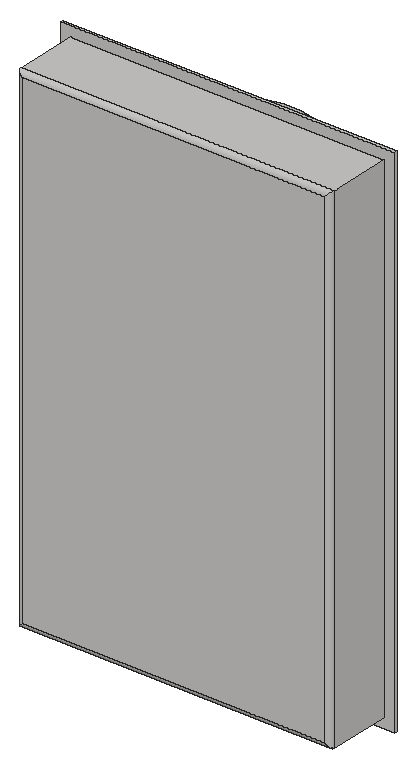
Revit family
Parameters (values of type "As Specified")
  Warranty Duration (Years) = 5
  Voltage_MEP = 120 V
  Unit Width = 0' - 0"
  Unit Height = 0' - 0"
  Unit Depth = 0' - 0"
  URL = "http://www.worlddryer.com/"
  Specification = "http://www.arcat.com/sdspecs/htm/10811wdr.htm"
  Send Message = "http://www.arcat.com/users.pl?action=UserEmail&company=World%20Dryer%20Corp.&coid=36616&rep=111&fax=708-449-6958&mf="
  Sales Information = "http://www.worlddryer.com/find-a-distributor"
  Reqd Wire Gauge = 14
  Recess Kit = Stainless Steel - 16 ga 18-8 Type 304
  Recess = 0' - 3 1/8"
  Manufacturer Phone - Toll Free = "800-323-0701 "
  MEP Apparent Power [instance] = Voltage_MEP * MEP Amperage  # 1500 VA
  MEP Amperage = 12.5 A
  Insrtloc = Recess + 0' 0 1/8"  # 0' - 3 1/4"
  Product Properties = "http://www.arcat.com/bim/bim_info.pl?fn=WorldDryer"
  Product Data = "http://www.arcat.com/arcatcos/cos36/arc36616.html"
  Opening Width = 1' - 3 1/8"
  Opening Offset = 0' - 10"
  Opening Height = 2' - 0 1/8"
  Mounting Height [instance] = 3' - 1"
  Motor = "Universal type, through-flow discharge vacuum type with automatic resetting thermostat; 1.07 HP, 23,400 RPM"
  Model = "As Specified in 10 28 00"
  Manufacturer Website = "http://www.worlddryer.com/"
  Manufacturer Phone = "708-449-6950 "
  Manufacturer Fax = "708-449-6958"
  Manufacturer Address = "5700 McDermott Dr., Berkeley, IL 60163-1102"
  Manufacturer = "World Dryer Corp."
  Maintenance Schedule (Months) = 0
  Keynote = "10 28 00"
  Installation-Fabrication = "http://www.worlddryer.com/all-hand-dryers"
  Installation Phase = "Interior Fittings"
  Heating Element = "Nichrome wire element mounted inside plenum housing with dual level safety protection"
  Hardware Finish = Polished Stainless Steel
  Green Building-LEED = "http://www.arcat.com/green/clients/leed_data_36616.html"
  Frequency = 60 Hz
  Expected Lifespan (Years) = 0
  Drawn By = "Robert S. Weygant, CSI, CDT, SCIP"
  Description = "Hand Dryer as Specified in 10 28 00"
  Cover Material = No. 4 Brushed Finish
  Copyright = "2010, ARCAT, Inc."
  Construction Details = "http://www.arcat.com/details/worlddry/worlddry.html?coid=36616"
  Assembly Code = "C1030210"
  Air Temperature = "41°F"
  Air Output = "100 CFM air flow at a velocity of 265 MPH (23,320 LFM)"
  Actuation = "Automatic"
  ADA Compliant [instance] = and(Mounting Height < 4' 0", Mounting Height > 1' 3", Recess > 0' 3")  # yes
Reference planes (in)
  plane 1: y = 0
  plane 2 "Center (Left/Right)": x = 0.046804
  plane 3 "Wall Edge": y = 4
  plane 4: y = 14
  plane 5: z = 37
  plane 6 "Connection Plane": y = 0.75
  plane 7: z = 27
  plane 8: y = 0.8750186
Forms (in)
  Extrusion 1, void
    sketch origin (0, 0.75, 0) x (-1, 0, 0) y (0, 0, 1)
      loop
        line (-7.609304, 27) -> (7.515696, 27) -> (7.515696, 51.125) -> (-7.609304, 51.125) -> (-7.609304, 27)
    from 0 to 3.25
  Extrusion 2, solid, material "Stainless Steel - 22 ga 18-8 Type 304", visible <- "ADA Compliant"
    sketch origin (0, 0.75, 0) x (-1, 0, 0) y (0, 0, 1)
      loop
        line (-0.921804, 40.875) -> (-0.921804, 37.125) -> (0.828196, 37.125) -> (0.828196, 40.875) -> (-0.921804, 40.875)
    from 0.2549982 to 0.1250186
  Sweep 3, solid, material "Stainless Steel - 16 ga 18-8 Type 304" <- "Recess Kit"
    path origin (-1.2965807, 0.75, 48) x (-1, 0, 0) y (0, 0, 1)
      loop
        line (-8.9058847, 3.125) -> (-8.9058847, -21) -> (6.2191153, -21) -> (6.2191153, 3.125) -> (-8.9058847, 3.125)
    profile origin (0.046804, 0.75, 51.125) x (0, 0, 1) y (0, 1, 0)
      loop
        line (0, 0.25) -> (0, 3.25) -> (0.5, 3.25) -> (0.5, 3.375) -> (-0.125, 3.375) -> (-0.125, 0.375)
        arc (-0.125, 0.375) -> (-0.1982233, 0.1982233) -> (-0.375, 0.125) r 0.25
        line (-0.375, 0.125) -> (-1, 0.125) -> (-1, 0) -> (-0.25, 0)
        arc (-0.25, 0) -> (-0.0732233, 0.0732233) -> (0, 0.25) r 0.25
  Extrusion 4, solid, material "Stainless Steel - 16 ga 18-8 Type 304" <- "Recess Kit"
    sketch origin (-1.2965807, 0.75, 48) x (-1, 0, 0) y (0, 0, 1)
      loop
        line (-7.9058847, -20) -> (5.2191153, -20) -> (5.2191153, 2.125) -> (-7.9058847, 2.125) -> (-7.9058847, -20)
    from 0 to 0.125
Cuts and joins
  joined: Sweep 3, Extrusion 4
Text (in)
  text "Interior" at (0, 40.1514891, 123.0158834), in view "A 203 - Side Elevation"
  text "Interior" at (-70.3804009, 41.2888511, 0), in view "A-101 Plan View"
  text "Interior" at (0, 81.6255543, 140.5994741), in view "Left"
  text "Exterior" at (-70.3804009, -27.0421791, 0), in view "A-101 Plan View"
  text "Exterior" at (0, -34.7508597, 140.5994741), in view "Left"
  text "Exterior" at (0, -52.2472472, 123.0158834), in view "A 203 - Side Elevation"
Dimensions and locks (in)
  host wall to plane 3 "Wall Edge" = 0' - 0"
  "Mounting Height": plane 5 to level
  equal spacing: Extrusion 1 sketch curve, plane 2 "Center (Left/Right)", Extrusion 1 sketch curve
  "Opening Width": Extrusion 1 sketch curve to Extrusion 1 sketch curve
  "Opening Height": Extrusion 1 sketch curve to Extrusion 1 sketch curve
  "Insrtloc": plane 6 "Connection Plane" to plane 3 "Wall Edge"
  "Opening Offset": plane 7 to plane 5
  locked: Extrusion 2 to Extrusion 2 at 0.1299796
  equal spacing: Sweep 3 sketch curve, plane 2 "Center (Left/Right)", Sweep 3 sketch curve
  "Opening Width": Sweep 3 sketch curve to Sweep 3 sketch curve
  "Opening Height": plane 7 to Sweep 3 sketch curve
  locked: plane 8 to plane 6 "Connection Plane" at 0.1250186
  aligned and locked: plane 3 "Wall Edge" to host wall
  aligned and locked: Extrusion 1 sketch curve to plane 7
  aligned and locked: Extrusion 1 to plane 3 "Wall Edge"
  aligned and locked: Extrusion 1 to plane 6 "Connection Plane"
  aligned and locked: nested 1 to plane 2 "Center (Left/Right)"
  aligned and locked: nested 1 to plane 5
  aligned and locked: plane 7 to Sweep 3 sketch curve
  aligned and locked: Sweep 3 sketch curve to plane 6 "Connection Plane"
  aligned and locked: Extrusion 4 sketch curve to Sweep 3  (x4)
  aligned and locked: Extrusion 4 to plane 6 "Connection Plane"
  aligned and locked: Sweep 3 to Extrusion 4
  aligned and locked: plane 8 to nested 1
  aligned and locked: Extrusion 2 to plane 8
Automatic sketch dimensions
  Extrusion 2 sketch curve to plane 5 = 0' - 0 1/8"
  plane 2 "Center (Left/Right)" to Extrusion 2 sketch curve = 0' - 0 7/8"
  Extrusion 2 sketch curve to plane 2 "Center (Left/Right)" = 0' - 0 7/8"
  Extrusion 2 sketch curve to Extrusion 2 sketch curve = 0' - 3 3/4"
  Sweep 3 sketch curve to profile plane = 0' - 0"
  profile plane to Sweep 3 sketch curve = 0' - 0 1/8"
  Sweep 3 sketch curve to Sweep 3 sketch curve = 0' - 0 1/8"  (x3)
  Sweep 3 sketch curve to Sweep 3 sketch curve = 0' - 0 5/8"
  Sweep 3 sketch curve to profile plane = 0' - 0 1/2"
  plane 6 "Connection Plane" to Sweep 3 sketch curve = 0' - 0 1/8"
  Sweep 3 sketch curve to Sweep 3 sketch curve = 0' - 2 7/8"
Nested families (in)
  nested 1: "Smartdri Hand Dryer" at (0.046804, 0.8750186, 37) x (-1, 0, 0) z (0, 0, 1), type "Smartdri Hand Dryer"
Connectors (in)
  electrical at (0.046804, 0.8750186, 39), driven by "Voltage_MEP", driven by "MEP Apparent Power"
    settings: on Extrusion 2, index 1
Definition of nested family "Smartdri Hand Dryer"
  Parameters (values of type "Smartdri Hand Dryer")
    Hardware Finish = Polished Stainless Steel
    Cover Material = No. 4 Brushed Finish
    Assembly Code = ""
  Reference planes (in)
    plane 1 "Center (Front/Back)": y = 0
    plane 2: z = 0
    plane 3 "Center (Left/Right)": x = 0
    plane 4: x = -4.65
    plane 5: x = 4.65
    plane 6: z = 12.5
    plane 7: y = -2.95
    plane 8: y = -7.6
    plane 9: z = 0
    plane 10: z = 0.75
  Forms (in)
    Revolve 1, solid, material "No. 4 Brushed Finish" <- "Cover Material"
      sketch origin (0, -2.95, 0) x (1, 0, 0) y (0, 0, 1)
        loop
          arc (-4.4094418, 11.5002083) -> (-4.6232387, 6.3060019) -> (-3.9759098, 1.1478575) r 31.3564178
          arc (-3.9759098, 1.1478575) -> (-3.456546, 0.7519365) -> (-2.9885724, 1.2074503) r 0.5
          line (-2.9885724, 1.2074503) -> (-2.9441649, 1.7150302)
          spline (-2.9441649, 1.7150302) -> (-2.8811766, 1.811659) -> (-2.7758731, 1.9054962) -> (-2.6298011, 1.9951637) -> (-2.4451057, 2.0793445) -> (-2.2244997, 2.1568023) -> (-1.971223, 2.2263996) -> (-1.6889953, 2.287114) -> (-1.3819618, 2.338054) -> (-1.0546318, 2.3784714) -> (-0.7118126, 2.4077726) -> (-0.3585392, 2.4255272) -> (0, 2.4314745)
          line (0, 2.4314745) -> (0, 11.7800106)
          arc (0, 11.7800106) -> (-1.7654851, 11.8706528) -> (-3.5124055, 12.1416195) r 17.2395973
          arc (-3.5124055, 12.1416195) -> (-4.1014431, 12.0174354) -> (-4.4094418, 11.5002083) r 0.75
        axis (0, 1.1478575) -> (0, 12.1416195)
      angle from 0 to 360
    Extrusion 2, void
      sketch origin (0, 0, 0) x (1, 0, 0) y (0, 1, 0)
        loop
          line (-4.65, 0) -> (4.65, 0) -> (4.65, 3) -> (-4.65, 3) -> (-4.65, 0)
      from 0 to 14.0052385
    Revolve 3, solid, material "Polished Stainless Steel" <- "Hardware Finish"
      sketch origin (0, -2.95, 0) x (1, 0, 0) y (0, 0, 1)
        loop
          line (0, 3.4172178) -> (-2.1853808, 3.4172178)
          arc (-2.1853808, 3.4172178) -> (-2.1718296, 1.7430948) -> (-1.9195164, 0.0880391) r 11.7019305
          arc (-1.9195164, 0.0880391) -> (-1.8798254, 0.0247112) -> (-1.8092907, 0) r 0.1130213
          line (-1.8092907, 0) -> (0, 0) -> (0, 3.4172178)
        axis (0, 3.4172178) -> (0, 0)
      angle from 0 to 360
    Extrusion 4, void
      sketch origin (0, 0, 0) x (1, 0, 0) y (0, 0, 1)
        loop
          line (-2.4420326, 2.7740932) -> (-2.6191178, 0.75) -> (2.6191178, 0.75) -> (2.4420326, 2.7740932)
          spline (2.4420326, 2.7740932) -> (2.2986966, 2.8263835) -> (2.1404023, 2.8753468) -> (1.9681799, 2.9206645) -> (1.78315, 2.9620418) -> (1.5865167, 2.9992092) -> (1.3795595, 3.0319251) -> (1.1636251, 3.0599764) -> (0.9401188, 3.0831808) -> (0.7104948, 3.101387) -> (0.4762474, 3.1144768) -> (0.238901, 3.1223649) -> (0, 3.125)
          spline (0, 3.125) -> (-0.238901, 3.1223649) -> (-0.4762474, 3.1144768) -> (-0.7104948, 3.101387) -> (-0.9401188, 3.0831808) -> (-1.1636251, 3.0599764) -> (-1.3795595, 3.0319251) -> (-1.5865167, 2.9992092) -> (-1.78315, 2.9620418) -> (-1.9681799, 2.9206645) -> (-2.1404023, 2.8753468) -> (-2.2986966, 2.8263835) -> (-2.4420326, 2.7740932)
      from -1.5136854 to 8.2042435
  Cuts and joins
    Extrusion 2, Extrusion 4 cuts Revolve 1
  Dimensions and locks (in)
    plane 4 to plane 5 = 0' - 9.3"
    plane 6 to plane 2 = 1' - 0 1/2"
    aligned and locked: Extrusion 2 sketch curve to plane 4
    aligned and locked: plane 5 to Extrusion 2 sketch curve
    aligned and locked: Revolve 3 sketch curve to plane 3 "Center (Left/Right)"
    aligned and locked: Revolve 3 sketch curve to plane 2
